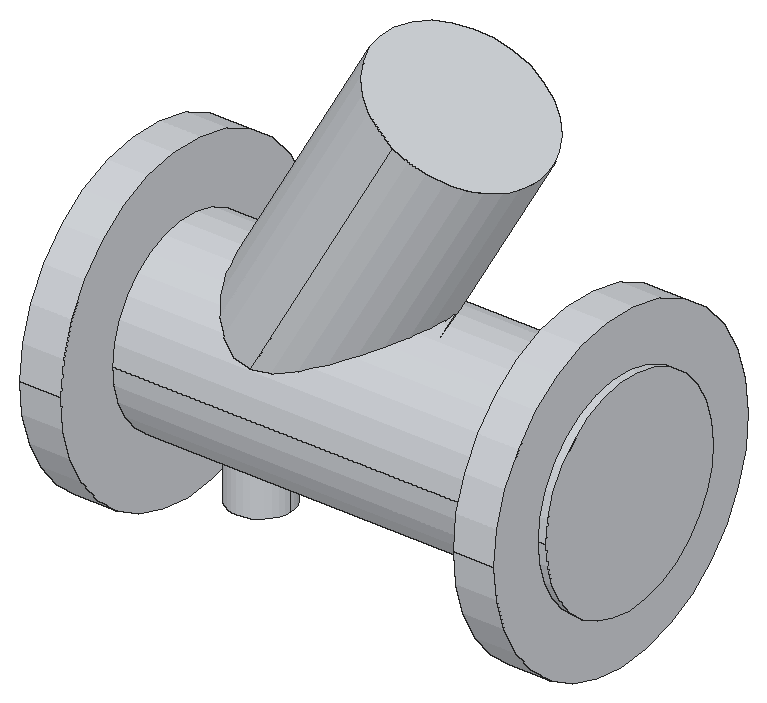
Revit family "HS 821-síto_jemné-PN25-DN080-RFA_2019", category Pipe Accessories, Revit 2019
Family settings
  Round Connector Dimension = Use Diameter
  Part Type = Breaks Into
  Work Plane-Based = No
  Always vertical = Yes
  Cut with Voids When Loaded = No
  Shared = No
Parameters (values of type "821D-DN080-PN25-síto_jemné")
  magiProductId = "e21040fa3cc2404b858198f6b73709"
  magiProductFamilyId = "79214ac3aaa945e397802f559f5c1e"
  magiPartTypeId = 307
  isMeasuringValve [instance] = no
  ang2D [instance] = 0.00°
  ZB__ve = -ZB  # -32 mm
  ZB1 = 53.46 mm
  ZB = 32 mm
  X2 = 104.753 mm
  X1 = 43.4 mm
  W2D = 15 mm
  VersionID = "2.0/2017.9.26.1/ZETKAMA_821_001"
  Use Minimum Symbol Size [instance] = yes
  URL = "www.hydronic.cz"
  Type Comments = "Filtr přírubový; síto jemné; A-PN16 (-10~300°C); D-PN25 (-10~350°C); F-PN40 (-10~400°C)"
  S = 132 mm
  QmdConnectorList = "301;D;302;D"
  Productdata [instance] = ""
  Manufacturer = "Hydronic Systems Prague s.r.o."
  MC Product Code = "210 280 (821D; DN080; PN25; kvs137,1; oko síta 0,63mm)"
  LM1 = 24.8 mm
  LM = 248 mm
  L4 = 77.5 mm
  L2D_Min = 3048 mm
  L2D = 130 mm
  L2 = 155 mm
  HH2 = 181.438 mm
  FD = 200 mm
  Description = "Filtr přírubový; síto jemné; 821A-PN16; 821D-PN25; 821F-PN40"
  DM1 = 107.4 mm
  DM = 118.8 mm
  D = 80 mm
  CC = 5.27 mm
  CAT0 = yes
  C1 = 25.73 mm
  C = 31 mm
  BD = 37.422 mm
Types (40, lengths in mm): name | magiProductId | ZB__ve | ZB1 | ZB | X2 | X1 | S | MC Product Code | LM1 | LM | L4 | L2 | HH2 | FD | DM1 | DM | D | CC | C1 | C | BD
  821A-DN015-PN16-síto_jemné | "a71bcfe8b393460598b23e8ddf7dc5" | -16.25 | 18.63 | 16.25 | 46.982 | 18.2 | 46 | "210 115 (821A; DN015; PN16; kvs6,2; oko síta 0,63mm)" | 10.4 | 104 | 32.5 | 65 | 81.375 | 95 | 27.6 | 41.4 | 15 | 2.21 | 10.79 | 13 | 13.041
  821A-DN020-PN16-síto_jemné | "41cd6c7a12924f4991217528336076" | -17.75 | 22.68 | 17.75 | 51.673 | 21 | 56 | "210 120 (821A; DN020; PN16; kvs9,6; oko síta 0,63mm)" | 12 | 120 | 37.5 | 75 | 89.5 | 105 | 33.6 | 50.4 | 20 | 2.55 | 12.45 | 15 | 15.876
  821A-DN025-PN16-síto_jemné | "be378b463ed14c3abf4c9b3ae8cf3a" | -19.25 | 26.325 | 19.25 | 58.601 | 22.4 | 65 | "210 125 (821A; DN025; PN16; kvs14,2; oko síta 0,63mm)" | 12.8 | 128 | 40 | 80 | 101.5 | 115 | 43.2 | 58.5 | 25 | 2.72 | 13.28 | 16 | 18.427
  821A-DN032-PN16-síto_jemné | "227a0d18b21540afabe8b6067d35fa" | -23 | 30.78 | 23 | 68.849 | 25.2 | 76 | "210 132 (821A; DN032; PN16; kvs23,1; oko síta 0,63mm)" | 14.4 | 144 | 45 | 90 | 119.25 | 140 | 50.4 | 68.4 | 32 | 3.06 | 14.94 | 18 | 21.546
  821A-DN040-PN16-síto_jemné | "d106917c74724141a10440112d0102" | -24.5 | 34.02 | 24.5 | 75.777 | 28 | 84 | "210 140 (821A; DN040; PN16; kvs36,6; oko síta 0,63mm)" | 16 | 160 | 50 | 100 | 131.25 | 150 | 60 | 75.6 | 40 | 3.4 | 16.6 | 20 | 23.814
  821A-DN050-PN16-síto_jemné | "8255d456a09e4f6486734f5dd9171b" | -26.75 | 40.095 | 26.75 | 79.061 | 32.2 | 99 | "210 150 (821A; DN050 PN16; kvs53,7; oko síta 0,63mm)" | 18.4 | 184 | 57.5 | 115 | 136.938 | 165 | 73.8 | 89.1 | 50 | 3.91 | 19.09 | 23 | 28.066
  821A-DN065-PN16-síto_jemné | "235b1b3e4c0843779a4d5e3716d40a" | -29.75 | 47.79 | 29.75 | 86.927 | 40.6 | 118 | "210 165 (821A; DN065; PN16; kvs95,1; oko síta 0,63mm)" | 23.2 | 232 | 72.5 | 145 | 150.562 | 185 | 94.2 | 106.2 | 65 | 4.93 | 24.07 | 29 | 33.453
  821A-DN080-PN16-síto_jemné | "a067f7c5236348ed8c820d16df7214" | -32 | 53.46 | 32 | 104.753 | 43.4 | 132 | "210 180 (821A; DN080; PN16; kvs137,1; oko síta 0,63mm)" | 24.8 | 248 | 77.5 | 155 | 181.438 | 200 | 107.4 | 118.8 | 80 | 5.27 | 25.73 | 31 | 37.422
  821A-DN100-PN16-síto_jemné | "c49a648c2747461285837d643703cd" | -35 | 63.18 | 35 | 114.857 | 49 | 156 | "210 190 (821A; DN100; PN16; kvs206,4; oko síta 0,63mm)" | 28 | 280 | 87.5 | 175 | 198.937 | 220 | 131.4 | 140.4 | 100 | 5.95 | 29.05 | 35 | 44.226
  821A-DN125-PN16-síto_jemné | "bf68e728a163493cbd2a663b26ebdc" | -39.5 | 74.52 | 39.5 | 131.888 | 56 | 184 | "210 191 (821A; DN125; PN16; kvs268,8; oko síta 0,63mm)" | 32 | 320 | 100 | 200 | 228.438 | 250 | 165 | 165.6 | 125 | 6.8 | 33.2 | 40 | 52.164
  821A-DN150-PN16-síto_jemné | "2de770284b654863ae6bc865769dc5" | -44.75 | 85.455 | 44.75 | 155.885 | 67.2 | 211 | "210 192 (821A; DN150; PN16; kvs401,4; oko síta 0,63mm)" | 38.4 | 384 | 120 | 240 | 270 | 285 | 192 | 189.9 | 150 | 8.16 | 39.84 | 48 | 59.818
  821A-DN200-PN16-síto_jemné | "8e5693371ab64aabb29a7f08c76e15" | -53 | 107.73 | 53 | 188.361 | 84 | 266 | "210 193 (821A; DN200; PN16; kvs706,7; oko síta 0,63mm)" | 48 | 480 | 150 | 300 | 326.25 | 340 | 252 | 239.4 | 200 | 10.2 | 49.8 | 60 | 75.411
  821A-DN250-PN16-síto_jemné | "05e37ed948c34047acdd4c42556504" | -62.75 | 129.195 | 62.75 | 255.911 | 102.2 | 319 | "210 194 (821A; DN250; PN16; kvs1229,4; oko síta 0,63mm)" | 58.4 | 584 | 182.5 | 365 | 443.25 | 405 | 309.6 | 287.1 | 250 | 12.41 | 60.59 | 73 | 90.436
  821A-DN300-PN16-síto_jemné | "9ad0af747269428da925480d83ce80" | -71 | 149.85 | 71 | 325.914 | 119 | 370 | "210 195 (821A; DN300; PN16; kvs1902,4; oko síta 0,63mm)" | 68 | 680 | 212.5 | 425 | 564.5 | 460 | 369.6 | 333 | 300 | 14.45 | 70.55 | 85 | 104.895
  821A-DN350-PN16-síto_jemné | "eebc71459bb3451bb4355e7951370a" | -80 | 173.745 | 80 | 356.875 | 137.2 | 429 | "200 196 (821A; DN350; PN16; kvs2611,0; oko síta 0,63mm)" | 78.4 | 784 | 245 | 490 | 618.125 | 520 | 438 | 386.1 | 350 | 16.66 | 81.34 | 98 | 121.621
  821A-DN400-PN16-síto_jemné | "d2f677cb196647e385b2590e7d8abe" | -89 | 194.4 | 89 | 392.237 | 154 | 480 | "210 197 (821A; DN400; PN16; kvs3438,4; oko síta 0,63mm)" | 88 | 880 | 275 | 550 | 679.375 | 580 | 498 | 432 | 400 | 18.7 | 91.3 | 110 | 136.08
  821D-DN015-PN25-síto_jemné | "27ddcbf555414f8ca1fde329bf9087" | -16.25 | 18.63 | 16.25 | 46.982 | 18.2 | 46 | "210 215 (821D; DN015; PN25; kvs6,2; oko síta 0,63mm)" | 10.4 | 104 | 32.5 | 65 | 81.375 | 95 | 27.6 | 41.4 | 15 | 2.21 | 10.79 | 13 | 13.041
  821D-DN020-PN25-síto_jemné | "270e0f14012f47189cd0235c18faee" | -17.75 | 22.68 | 17.75 | 51.673 | 21 | 56 | "210 220 (821D; DN020; PN25; kvs9,6; oko síta 0,63mm)" | 12 | 120 | 37.5 | 75 | 89.5 | 105 | 33.6 | 50.4 | 20 | 2.55 | 12.45 | 15 | 15.876
  821D-DN025-PN25-síto_jemné | "b9a7fb4aa36643878c637d8e1ab992" | -19.25 | 26.325 | 19.25 | 58.601 | 22.4 | 65 | "210 225 (821D; DN025; PN25; kvs14,2; oko síta 0,63mm)" | 12.8 | 128 | 40 | 80 | 101.5 | 115 | 43.2 | 58.5 | 25 | 2.72 | 13.28 | 16 | 18.427
  821D-DN032-PN25-síto_jemné | "6be9a55c4e68400f94eec7e804204c" | -23 | 30.78 | 23 | 68.849 | 25.2 | 76 | "210 232 (821D; DN032; PN25; kvs23,1; oko síta 0,63mm)" | 14.4 | 144 | 45 | 90 | 119.25 | 140 | 50.4 | 68.4 | 32 | 3.06 | 14.94 | 18 | 21.546
  821D-DN040-PN25-síto_jemné | "c54511bd7f584ec2984291479612cb" | -24.5 | 34.02 | 24.5 | 75.777 | 28 | 84 | "210 240 (821D; DN040; PN25; kvs36,6; oko síta 0,63mm)" | 16 | 160 | 50 | 100 | 131.25 | 150 | 60 | 75.6 | 40 | 3.4 | 16.6 | 20 | 23.814
  821D-DN050-PN25-síto_jemné | "5483b1f596b04cd39b23a14a22c90e" | -26.75 | 40.095 | 26.75 | 79.061 | 32.2 | 99 | "210 250 (821D; DN050; PN25; kvs53,7; oko síta 0,63mm)" | 18.4 | 184 | 57.5 | 115 | 136.938 | 165 | 73.8 | 89.1 | 50 | 3.91 | 19.09 | 23 | 28.066
  821D-DN065-PN25-síto_jemné | "767b0f8318e94750bc7a9930ed5b30" | -29.75 | 47.79 | 29.75 | 86.927 | 40.6 | 118 | "210 265 (821D; DN065; PN25; kvs95,1; oko síta 0,63mm)" | 23.2 | 232 | 72.5 | 145 | 150.562 | 185 | 94.2 | 106.2 | 65 | 4.93 | 24.07 | 29 | 33.453
  821D-DN080-PN25-síto_jemné | "e21040fa3cc2404b858198f6b73709" | -32 | 53.46 | 32 | 104.753 | 43.4 | 132 | "210 280 (821D; DN080; PN25; kvs137,1; oko síta 0,63mm)" | 24.8 | 248 | 77.5 | 155 | 181.438 | 200 | 107.4 | 118.8 | 80 | 5.27 | 25.73 | 31 | 37.422
  821D-DN100-PN25-síto_jemné | "175ca87a506b40b3bc6b82f12f33cf" | -37.25 | 63.18 | 37.25 | 114.857 | 49 | 156 | "210 290 (821D; DN100; PN25; kvs206,4; oko síta 0,63mm)" | 28 | 280 | 87.5 | 175 | 198.937 | 235 | 131.4 | 140.4 | 100 | 5.95 | 29.05 | 35 | 44.226
  821D-DN125-PN25-síto_jemné | "77cc98d60da24855999a22dff726b2" | -42.5 | 74.52 | 42.5 | 131.888 | 56 | 184 | "210 291 (821D; DN125; PN25; kvs268,8; oko síta 0,63mm)" | 32 | 320 | 100 | 200 | 228.438 | 270 | 165 | 165.6 | 125 | 6.8 | 33.2 | 40 | 52.164
  821D-DN150-PN25-síto_jemné | "9cf8acfcd15547d68e83172d3abcbe" | -47 | 85.455 | 47 | 155.885 | 67.2 | 211 | "210 292 (821D; DN150; PN25; kvs401,4; oko síta 0,63mm)" | 38.4 | 384 | 120 | 240 | 270 | 300 | 192 | 189.9 | 150 | 8.16 | 39.84 | 48 | 59.818
  821D-DN200-PN25-síto_jemné | "16973f3c9ea14389ba8602495a6b64" | -56 | 110.97 | 56 | 188.361 | 84 | 274 | "210 293 (821D; DN200; PN25; kvs706,7; oko síta 0,63mm)" | 48 | 480 | 150 | 300 | 326.25 | 360 | 252 | 246.6 | 200 | 10.2 | 49.8 | 60 | 77.679
  821F-DN015-PN40-síto_jemné | "4c7eaf3c4c0340888b3e684d8a8616" | -16.25 | 18.225 | 16.25 | 46.982 | 18.2 | 45 | "250 615 (821F; DN015; PN40; kvs6,2; oko síta 0,63mm)" | 10.4 | 104 | 32.5 | 65 | 81.375 | 95 | 27.6 | 40.5 | 15 | 2.21 | 10.79 | 13 | 12.757
  821F-DN020-PN40-síto_jemné | "aaac5f1ec96b44d6ba96ac2293d66d" | -17.75 | 23.49 | 17.75 | 51.673 | 21 | 58 | "250 620 (821F; DN020; PN40; kvs9,6; oko síta 0,63mm)" | 12 | 120 | 37.5 | 75 | 89.5 | 105 | 33.6 | 52.2 | 20 | 2.55 | 12.45 | 15 | 16.443
  821F-DN025-PN40-síto_jemné | "504768023968471481789485b54c7e" | -19.25 | 27.54 | 19.25 | 58.601 | 22.4 | 68 | "250 625 (821F; DN025; PN40; kvs14,2; oko síta 0,63mm)" | 12.8 | 128 | 40 | 80 | 101.5 | 115 | 43.2 | 61.2 | 25 | 2.72 | 13.28 | 16 | 19.278
  821F-DN032-PN40-síto_jemné | "165e7f39cf744f329bdf1c400dad12" | -23 | 31.59 | 23 | 68.849 | 25.2 | 78 | "250 632 (821F; DN032; PN40; kvs23,1; oko síta 0,63mm)" | 14.4 | 144 | 45 | 90 | 119.25 | 140 | 50.4 | 70.2 | 32 | 3.06 | 14.94 | 18 | 22.113
  821F-DN040-PN40-síto_jemné | "b8903f952089408fbf3a5a632bab1f" | -24.5 | 35.64 | 24.5 | 75.777 | 28 | 88 | "250 640 (821F; DN040; PN40; kvs36,6; oko síta 0,63mm)" | 16 | 160 | 50 | 100 | 131.25 | 150 | 60 | 79.2 | 40 | 3.4 | 16.6 | 20 | 24.948
  821F-DN050-PN40-síto_jemné | "c451f97266fe48da8f879cb6a2bd44" | -26.75 | 41.31 | 26.75 | 79.061 | 32.2 | 102 | "250 650 (821F; DN050; PN40; kvs53,7; oko síta 0,63mm)" | 18.4 | 184 | 57.5 | 115 | 136.938 | 165 | 73.8 | 91.8 | 50 | 3.91 | 19.09 | 23 | 28.917
  821F-DN065-PN40-síto_jemné | "dc9821e3f9b34e128f6a8c6b34c198" | -29.75 | 49.41 | 29.75 | 86.927 | 40.6 | 122 | "250 665 (821F; DN065; PN40; kvs95,1; oko síta 0,63mm)" | 23.2 | 232 | 72.5 | 145 | 150.562 | 185 | 94.2 | 109.8 | 65 | 4.93 | 24.07 | 29 | 34.587
  821F-DN080-PN40-síto_jemné | "689aa1e260f84cf4994f027a1d86b5" | -32 | 55.89 | 32 | 104.753 | 43.4 | 138 | "250 680 (821F; DN080; PN40; kvs137,1; oko síta 0,63mm)" | 24.8 | 248 | 77.5 | 155 | 181.438 | 200 | 107.4 | 124.2 | 80 | 5.27 | 25.73 | 31 | 39.123
  821F-DN100-PN40-síto_jemné | "8a45d4e8e2ab425f8c432f21d684f3" | -37.25 | 65.61 | 37.25 | 114.857 | 49 | 162 | "250 690 (821F; DN100; PN40; kvs206,4; oko síta 0,63mm)" | 28 | 280 | 87.5 | 175 | 198.937 | 235 | 131.4 | 145.8 | 100 | 5.95 | 29.05 | 35 | 45.927
  821F-DN125-PN40-síto_jemné | "cf073904c006406b8645afa67ea2fc" | -42.5 | 76.14 | 42.5 | 131.888 | 56 | 188 | "250 691 (821F; DN125; PN40; kvs268,8; oko síta 0,63mm)" | 32 | 320 | 100 | 200 | 228.438 | 270 | 165 | 169.2 | 125 | 6.8 | 33.2 | 40 | 53.298
  821F-DN150-PN40-síto_jemné | "0153b9ddabe14992a630484929fdbc" | -47 | 88.29 | 47 | 155.885 | 67.2 | 218 | "250 692 (821F; DN150; PN40; kvs401,4; oko síta 0,63mm)" | 38.4 | 384 | 120 | 240 | 270 | 300 | 192 | 196.2 | 150 | 8.16 | 39.84 | 48 | 61.803
  821F-DN200-PN40-síto_jemné | "7fb3fc01dd8d42428c203e3f8dd4d5" | -56 | 115.425 | 56 | 188.361 | 84 | 285 | "250 693 (821F; DN200; PN40; kvs706,7; oko síta 0,63mm)" | 48 | 480 | 150 | 300 | 326.25 | 360 | 252 | 256.5 | 200 | 10.2 | 49.8 | 60 | 80.797
Reference planes
  plane 1 "Center (Front/Back)": y = 0
  plane 2 "XYPLANE": z = 0
  plane 3 "Center (Left/Right)": x = 0
  plane 4 "109": x = -99.2
  plane 5 "108": x = 124
  plane 6 "107": x = -124
  plane 7 "105": x = 155
  plane 8 "104": x = -155
  plane 9 "103": y = 0
  plane 10 "102": z = 0
  plane 11 "101": x = -149.73
  plane 12 "100": x = 149.73
  plane 13 "11": x = -55.8
  plane 14 "10": z = 181.438
  plane 15 "9": x = 48.953
  plane 16 "5": z = -53.46
  plane 17 "4": x = -77.5
  plane 18 "1": x = 77.5
Forms (mm)
  Extrusion 1, solid, visible <- "CAT0"
    sketch origin (-124, -750, 0) x (0, 1, 0) y (0, 0, 1)
      loop
        circle (750, 0) r 59.4
    from 0 to 248 <- "LM"
  Extrusion 2, solid
    sketch origin (-155, -750, 0) x (0, 1, 0) y (0, 0, 1)
      loop
        circle (750, 0) r 66
    from 0 to 5.27 <- "CC"
  Extrusion 3, solid
    sketch origin (-149.73, -750, 0) x (0, 1, 0) y (0, 0, 1)
      loop
        circle (750, 0) r 100
    from 0 to 25.73 <- "C1"
  Extrusion 4, solid
    sketch origin (124, -750, 0) x (0, 1, 0) y (0, 0, 1)
      loop
        circle (750, 0) r 100
    from 0 to 25.73 <- "C1"
  Extrusion 5, solid
    sketch origin (149.73, -750, 0) x (0, 1, 0) y (0, 0, 1)
      loop
        circle (750, 0) r 66
    from 0 to 5.27 <- "CC"
  Sweep 6, solid, visible <- "CAT0"
    path origin (750, 0, 0) x (-1, 0, 0) y (0, 0, 1)
      loop
        line (874, 0) -> (805.8, 0) -> (701.047, 181.438)
    profile origin (-124, 0, 0) x (0, 0, -1) y (0, 1, 0)
      loop
        circle (0, 0) r 53.7
  Extrusion 7, solid, visible <- "CAT0"
    sketch origin (-750, 0, -53.46) x (1, 0, 0) y (0, 1, 0)
      loop
        circle (672.5, 0) r 18.711
    from 0 to -32 <- "ZB__ve"
  Extrusion 8, solid, visible <- "CAT0"
    sketch origin (-750, 0, -53.46) x (1, 0, 0) y (0, 1, 0)
      loop
        circle (827.5, 0) r 18.711
    from 0 to -32 <- "ZB__ve"
  Extrusion 9, solid, not visible
    sketch origin (155, -750, 0) x (0, 1, 0) y (0, 0, 1)
      loop
        circle (750, 0) r 10
    from 0 to -10
  Extrusion 10, solid, not visible
    sketch origin (-155, -750, 0) x (0, 1, 0) y (0, 0, 1)
      loop
        circle (750, 0) r 10
    from 0 to 10
Lines and regions (mm)
  reference lines, not visible
    curve 1: circle (2, 2, 0) r 1 normal (0, 0, 1)
Dimensions and locks
  plane 1 "Center (Front/Back)" to curve 1 = 2 mm
  "LM1": plane 6 "107" to plane 4 "109"
  "LM": plane 6 "107" to plane 5 "108"
  "C": plane 8 "104" to plane 6 "107"
  "L2": plane 3 "Center (Left/Right)" to plane 7 "105"
  "L2": plane 3 "Center (Left/Right)" to plane 8 "104"
  locked: plane 1 "Center (Front/Back)" to plane 9 "103"
  locked: plane 2 "XYPLANE" to plane 10 "102"
  "CC": plane 8 "104" to plane 11 "101"
  "C1": plane 5 "108" to plane 12 "100"
  "X1": plane 4 "109" to plane 13 "11"
  "HH2": plane 2 "XYPLANE" to plane 14 "10"
  "X2": plane 13 "11" to plane 15 "9"
  "ZB1": plane 2 "XYPLANE" to plane 16 "5"
  "L4": plane 8 "104" to plane 17 "4"
  "L2": plane 17 "4" to plane 18 "1"
  Sweep 6 sketch curve to Sweep 6 sketch curve = 0 mm  (x2)
  "DM": diameter of Extrusion 1 sketch curve
  "S": diameter of Extrusion 2 sketch curve
  "FD": diameter of Extrusion 3 sketch curve
  "FD": diameter of Extrusion 4 sketch curve
  "S": diameter of Extrusion 5 sketch curve
  "DM1": diameter of Sweep 6 sketch curve
  "BD": diameter of Extrusion 7 sketch curve
  "BD": diameter of Extrusion 8 sketch curve
  aligned and locked: level to plane 2 "XYPLANE"
  aligned and locked: Extrusion 1 sketch curve to plane 9 "103"
  aligned and locked: plane 10 "102" to Extrusion 1 sketch curve
  aligned and locked: Extrusion 2 sketch curve to plane 9 "103"
  aligned and locked: plane 10 "102" to Extrusion 2 sketch curve
  aligned and locked: Extrusion 3 sketch curve to plane 9 "103"
  aligned and locked: plane 10 "102" to Extrusion 3 sketch curve
  aligned and locked: Extrusion 4 sketch curve to plane 9 "103"
  aligned and locked: plane 10 "102" to Extrusion 4 sketch curve
  aligned and locked: Extrusion 5 sketch curve to plane 9 "103"
  aligned and locked: plane 10 "102" to Extrusion 5 sketch curve
  aligned and locked: Sweep 6 sketch curve to plane 9 "103"
  aligned and locked: plane 10 "102" to Sweep 6 sketch curve  (x3)
  aligned and locked: plane 6 "107" to Sweep 6 sketch curve
  aligned and locked: plane 13 "11" to Sweep 6 sketch curve
  aligned and locked: plane 14 "10" to Sweep 6 sketch curve
  aligned and locked: plane 15 "9" to Sweep 6 sketch curve
  aligned and locked: plane 9 "103" to Extrusion 7 sketch curve
  aligned and locked: plane 17 "4" to Extrusion 7 sketch curve
  aligned and locked: plane 9 "103" to Extrusion 8 sketch curve
  aligned and locked: plane 18 "1" to Extrusion 8 sketch curve
  aligned and locked: Extrusion 9 sketch curve to plane 9 "103"
  aligned and locked: plane 10 "102" to Extrusion 9 sketch curve
  aligned and locked: Extrusion 10 sketch curve to plane 9 "103"
  aligned and locked: plane 10 "102" to Extrusion 10 sketch curve
Automatic sketch dimensions
  plane 1 "Center (Front/Back)" to Extrusion 9 sketch curve = 10 mm
  plane 1 "Center (Front/Back)" to Extrusion 10 sketch curve = 10 mm
  plane 3 "Center (Left/Right)" to curve 1 = 2 mm
  radius of curve 1 = 1 mm
Connectors
  piping at (-155, 0, 0), diameter 80, driven by "D"
    settings: on Extrusion 10, index 1, connector inside diameter 609.6 mm, connector length 0 mm, flow factor 0, pipe flow 0.0 L/s, pressure drop 0.0 Pa, fitting loss kfactor 0, connector angle 0.00°, fixture units 0, engagement length 0 mm, angle of deflection 0.00°, flow configuration 0, flow direction 0, fitting loss method 0, system type 29, joint type 0, gender type 0, connector reference index 2, connector utility 0, adjustable connector no, is connector primary yes, connector description ""
  piping at (155, 0, 0), diameter 80, driven by "D"
    settings: on Extrusion 9, index 2, connector inside diameter 609.6 mm, connector length 0 mm, flow factor 0, pipe flow 0.0 L/s, pressure drop 0.0 Pa, fitting loss kfactor 0, connector angle 0.00°, fixture units 0, engagement length 0 mm, angle of deflection 0.00°, flow configuration 0, flow direction 0, fitting loss method 0, system type 29, joint type 0, gender type 0, connector reference index 1, connector utility 0, adjustable connector no, is connector primary no, connector description ""
